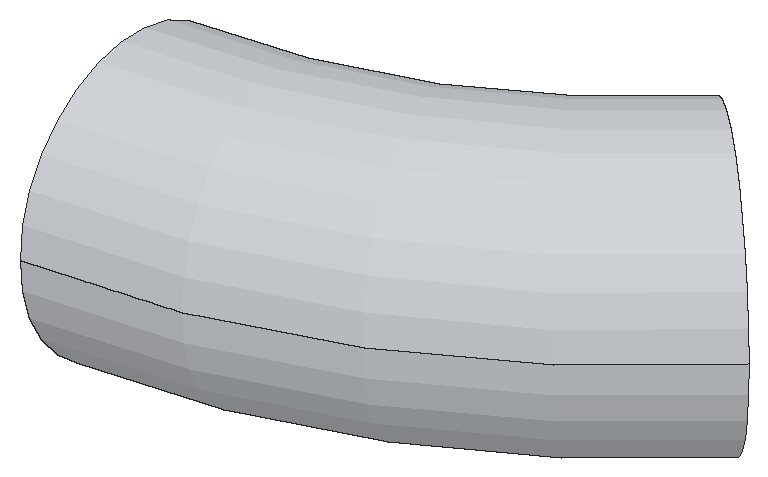
Revit family "Rohrbogen-DIN2605-Bauart 5", category Rohrformteile, Revit 2016
Family settings
  Teiletyp = Bogen
  Bemaßung runder Anschluss = Radius verwenden
  OmniClass-Nummer = 23.60.30.11.14
  OmniClass-Titel = Pipework Fittings
  Arbeitsebenenbasiert = Nein
  Immer vertikal = Ja
  Beim Laden mit Abzugskörper schneiden = Nein
  Gemeinsam genutzt = Nein
Parameters (values of type "Standard")
  DN [instance] = size_lookup(Name der Abruftabelle, "ORad", Nenndurchmesser, Nenndurchmesser)  # 60.3 mm
  Außenradius [instance] = DN / 2  # 30.15 mm
  Nennradius [instance] = 25 mm
  Nenndurchmesser [instance] = Nennradius * 2  # 50 mm
  Verlustberechnungsmethode = K-Koeffizient aus Tabelle
  Name der Abruftabelle = "Elbow Steel DIN 2605"
  Länge 2 [instance] = Bogenradius - Bogenradius * cos(Winkel)  # 39.541 mm
  Länge 1 [instance] = Bogenradius * sin(Winkel)  # 95.459 mm
  K-Koeffizient-Tabelle = "Regular 45, 90 and 180 Elbow"
  Abstand Mittelpunkt Ende [instance] = Radius 1 * tan(Winkel / 2)  # 55.919 mm
  Radius 1 [instance] = if(Bogenradius < Außenradius + 1 mm, Außenradius + 1 mm, Bogenradius)  # 135 mm
  Bogenradius [instance] = size_lookup(Name der Abruftabelle, "CRad5", Nenndurchmesser, Nenndurchmesser)  # 135 mm
  Winkel [instance] = 45.00°
Reference planes
  plane 1 "Mitte (Vorne/Hinten)": y = 0
  plane 2: z = 0
  plane 3 "Mitte (Links/Rechts)": x = 0
  plane 4: x = -55.919
  plane 5: y = 135
  plane 6: y = 25
  plane 7: y = -25
  plane 8: z = 25
  plane 9: z = -25
  plane 10: x = 39.541
  plane 11: y = 39.541
Forms (mm)
  Sweep 1, solid, detail levels fine
    path in 3D
      loop
        arc (-55.919, 0, 0) -> (-4.257, 10.276, 0) -> (39.541, 39.541, 0) r 135
    profile origin (-4.257, 10.276, 0) x (-0.382683, 0.92388, 0) y (0, 0, 1)
      loop
        circle (0, 0) r 30.15
Lines and regions (mm)
  reference lines
    curve 1: arc (-55.919, 0, 0) -> (-4.257, 10.276, 0) -> (39.541, 39.541, 0) r 135
    curve 6: line (-55.919, 135, 0) -> (-21.634, 100.715, 0)
    curve 7: line (-55.919, 135, 0) -> (-22.749, 168.17, 0)
    curve 8: line (66.514, 66.514, 0) -> (11.811, 11.811, 0)
    curve 9: line (43.388, 78.743, 0) -> (25.71, 61.066, 0)
    curve 10: line (78.743, 43.388, 0) -> (61.066, 25.71, 0)
    curve 14: line (-55.919, 135, 0) -> (-55.919, 0, 0)
  sketch lines
    curve 2: arc (-55.919, 0, 0) -> (-4.257, 10.276, 0) -> (39.541, 39.541, 0) r 135
  model lines, style "Symbol", detail levels coarse+medium
    curve 3: line (-55.919, 0, 25) -> (-55.919, 0, -25)
    curve 5: line (-55.919, 25, 0) -> (-55.919, -25, 0)
    curve 12: line (21.863, 57.218, 0) -> (57.218, 21.863, 0)
    curve 15: arc (-55.919, 0, 0) -> (-4.257, 10.276, 0) -> (39.541, 39.541, 0) r 135
    curve 16: line (39.541, 39.541, 25) -> (39.541, 39.541, -25)
  model lines, detail levels coarse+medium
    curve 4: line (-55.919, 25, 0) -> (-55.919, -25, 0)
    curve 11: line (21.863, 57.218, 0) -> (57.218, 21.863, 0)
    curve 13: arc (-55.919, 0, 0) -> (-4.257, 10.276, 0) -> (39.541, 39.541, 0) r 135
Dimensions and locks
  "Abstand Mittelpunkt Ende": plane 4 to plane 3 "Mitte (Links/Rechts)"
  "Radius 1": plane 5 to plane 1 "Mitte (Vorne/Hinten)"
  locked: plane 5 to curve 1 at 0
  locked: plane 4 to curve 1 at 0
  "Nennradius": plane 6 to plane 1 "Mitte (Vorne/Hinten)"
  equal spacing: plane 6, plane 1 "Mitte (Vorne/Hinten)", plane 7
  "Radius 1": curve 7 to curve 8
  "Nennradius": curve 9 to curve 8
  "Nennradius": curve 8 to curve 10
  "Nennradius": plane 8 to plane 2
  "Nennradius": plane 9 to plane 2
  "Länge 1": plane 4 to plane 10
  "Länge 2": plane 11 to plane 1 "Mitte (Vorne/Hinten)"
  "Radius 1": radius of curve 1
  "Außenradius": radius of Sweep 1 sketch curve
  "Radius 1": radius of curve 13
  "Radius 1": radius of curve 15
  "Winkel": angle curve 1 to curve 1
  "Winkel": angle plane 4 to curve 6
  locked: curve 6 to curve 7 (angle 90.00°)
  locked: curve 6 to curve 8 (angle 90.00°)
  locked: curve 6 to curve 9 (angle 90.00°)
  locked: curve 6 to curve 10 (angle 90.00°)
  "Winkel": angle curve 13 to curve 13
  "Winkel": angle curve 15 to curve 15
  aligned and locked: plane 4 to curve 1
  aligned and locked: plane 1 "Mitte (Vorne/Hinten)" to curve 3
  aligned and locked: plane 6 to curve 4
  aligned and locked: plane 7 to curve 4
  aligned and locked: curve 4 to plane 4
  aligned and locked: plane 7 to curve 5
  aligned and locked: plane 6 to curve 5
  aligned and locked: curve 5 to plane 4
  aligned and locked: plane 4 to curve 6
  aligned and locked: plane 5 to curve 6
  aligned and locked: plane 4 to curve 7
  aligned and locked: plane 5 to curve 7
  aligned and locked: curve 9 to curve 11
  aligned and locked: curve 10 to curve 11
  aligned and locked: curve 6 to curve 11
  aligned and locked: curve 9 to curve 12
  aligned and locked: curve 10 to curve 12
  aligned and locked: curve 6 to curve 12
  aligned and locked: plane 4 to curve 13  (x2)
  aligned and locked: plane 1 "Mitte (Vorne/Hinten)" to curve 13
  aligned and locked: plane 5 to curve 14
  aligned and locked: curve 14 to plane 4
  aligned and locked: plane 5 to curve 15
  aligned and locked: plane 4 to curve 15  (x2)
  aligned and locked: plane 8 to curve 16
  aligned and locked: curve 16 to plane 9
  aligned and locked: curve 16 to plane 11
Automatic sketch dimensions
  curve 3 to curve 3 = 50 mm
  Sweep 1 sketch curve to profile plane = 0 mm
  profile plane to Sweep 1 sketch curve = 0 mm
  curve 6 to curve 8 = 39.215 mm
  curve 9 to curve 6 = 5.441 mm
  curve 10 to curve 6 = 5.441 mm
Connectors
  piping at (-55.919, 0, 0), diameter 50, driven by "Nennradius", driven by "Winkel"
    settings: on Sweep 1, index 1, connector inside diameter 50 mm, connector length 0 mm, flow factor 0, pipe flow 0.0 L/s, pressure drop 0.0 Pa, fitting loss kfactor 0, connector angle 45.00°, fixture units 0, engagement length 0 mm, angle of deflection 0.00°, flow configuration 0, flow direction 0, fitting loss method 0, system type 28, joint type 0, gender type 0, connector reference index 2, connector utility 0, adjustable connector no, is connector primary yes, connector description ""
  piping at (39.541, 39.541, 0), diameter 50, driven by "Nennradius", driven by "Winkel"
    settings: on Sweep 1, index 2, connector inside diameter 50 mm, connector length 0 mm, flow factor 0, pipe flow 0.0 L/s, pressure drop 0.0 Pa, fitting loss kfactor 0, connector angle 45.00°, fixture units 0, engagement length 0 mm, angle of deflection 0.00°, flow configuration 0, flow direction 0, fitting loss method 0, system type 28, joint type 0, gender type 0, connector reference index 1, connector utility 0, adjustable connector no, is connector primary no, connector description ""
